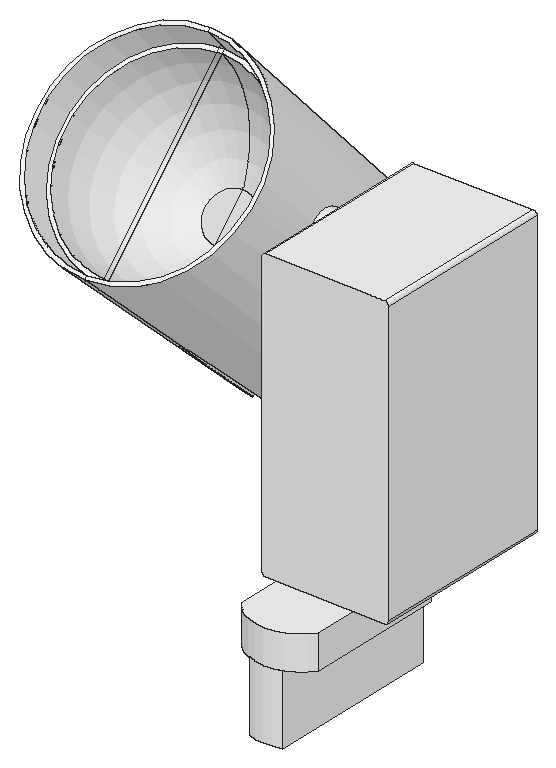
Revit family "0004816 Feilo Sylvania Lighting Fixture START TRACK SPOT S 24W 3K RA80 WB WHITE", category Lighting Fixtures, host Face, Revit 2017 (continued)
Definition of nested family "Start Track Spot Head"
  Types (96, lengths in mm): name | Wattage | built-in parameter 1150134 | Photometric Web File | Model | built-in parameter 1150105 | Lumens | built-in parameter 1150107 | built-in parameter 1150106 | HeadThickness_FEILO | HeadRibOffset_FEILO | HeadRibDepth_FEILO | HeadRibCutWidth_FEILO | HeadRibCutOffset_FEILO | HeadReflectorRadius_FEILO | HeadReflectorOffset_FEILO | HeadLEDRadius_FEILO | HeadHeight_FEILO | HeadDiffusorOffset_FEILO | HeadDiaOut_FEILO | HeadDiaIn_FEILO | HeadAxisFromTop_FEILO | Emit from Circle Diameter | built-in parameter 1150104 | Description | Apparent Load
    0004812 START TRACK SPOT S 14W 3K RA80 MB WHITE | 14 W | (empty or 0) | "0004812.ies" | "START TRACK SPOT S 14W 3K RA80 MB WHITE" | 120.32 (stored number, unit not read) | 1512 lm | 3000 (stored number, unit not read) | 1.2032 (stored number, unit not read) | 1.5 | 4.179 | 55.714 | 7.167 | 50.87 | 50.588 | 55.714 | 9.556 | 117 | 9.435 | 86 | 77.477 | 69.354 | 77.477 | 10.034 (stored number, unit not read) | "Integrated LED spotlight, Textured White - RAL9016, compact and minimalist design, ideal for retail applications, die-cast aluminium body, passive cooling heatsink. Beam angle: 36°, color temperature: 3000K , total system power: 14W, total fixture output: 1508 lm, LOR: 100%, colour rendering: Ra: 80 typical, LED Chromaticity: 3 step MacAdam ellipse, lifetime: >50000 hours at L70B50, energy class: A++, A+, A, IR/UV free light source without heat radiation, operating voltage: 220-240V / 50-60Hz, drive current: 350mA, electronic driver, non-dimmable, power factor: 0.92, electrical protection: Class II, Global Track 3 Phase adapter suitable for Global trac 3-circuit tracks, ingress protection rating: IP20, suitable for internal environment only, horizontal rotation: 355°, vertical tilt: 90°, dimensions: Ø86x140x200, weight: 0.940kg." | 14 VA
    0004811 START TRACK SPOT S 14W 3K RA80 NB WHITE | 14 W | (empty or 0) | "0004811.ies" | "START TRACK SPOT S 14W 3K RA80 NB WHITE" | 123.66 (stored number, unit not read) | 1554 lm | 3000 (stored number, unit not read) | 1.2366 (stored number, unit not read) | 1.5 | 4.179 | 55.714 | 7.167 | 50.87 | 50.588 | 55.714 | 9.556 | 117 | 9.435 | 86 | 77.477 | 69.354 | 77.477 | 10.312 (stored number, unit not read) | "Integrated LED spotlight, Textured White - RAL9016, compact and minimalist design, ideal for retail applications, die-cast aluminium body, passive cooling heatsink. Beam angle: 12°, color temperature: 3000K , total system power: 14W, total fixture output: 1551 lm, LOR: 100%, colour rendering: Ra: 80 typical, LED Chromaticity: 3 step MacAdam ellipse, lifetime: >50000 hours at L70B50, energy class: A++, A+, A, IR/UV free light source without heat radiation, operating voltage: 220-240V / 50-60Hz, drive current: 350mA, electronic driver, non-dimmable, power factor: 0.92, electrical protection: Class II, Global Track 3 Phase adapter suitable for Global trac 3-circuit tracks, ingress protection rating: IP20, suitable for internal environment only, horizontal rotation: 355°, vertical tilt: 90°, dimensions: Ø86x140x200, weight: 0.940kg." | 14 VA
  Reference planes
    plane 1 "Center (Front/Back)": y = 0
    plane 2: z = 0
    plane 3 "Center (Left/Right)": x = 0
    plane 4: x = 43
    plane 5: x = -43
    plane 6: x = -38.739
    plane 7: x = 38.739
    plane 8: z = 69.354
    plane 9: z = -47.646
    plane 10: x = -41.5
    plane 11: x = -37.239
    plane 12: z = -38.211
    plane 13: z = -35.211
    plane 14: z = 8.068
    plane 15: x = -9.556
    plane 16: x = -28.667
    plane 17: x = -19.111
    plane 18: x = -27.167
    plane 19: x = -17.611
    plane 20: x = -8.056
    plane 21: z = 13.64
    plane 22: x = -29.667
    plane 23: x = -26.167
    plane 24: x = -20.111
    plane 25: x = -16.611
    plane 26: x = -10.556
    plane 27: x = -7.056
    plane 28: x = -36.239
    plane 29: x = -40.5
    plane 30: z = 65.175
    plane 31: z = 60.997
    plane 32: z = 56.818
    plane 33: z = 18.484
    plane 34: y = -43
    plane 35: y = 43
    plane 36: y = 3.583
    plane 37: y = -3.583
    plane 38: y = -2.583
    plane 39: y = 2.583
    plane 40: y = 46
    plane 41: z = 13.5
    plane 42: z = -13.5
    plane 43: y = 39
    plane 44: x = 4.708
    plane 45: x = -2.458
    plane 46: x = -1.458
    plane 47: x = 1.458
  Forms (mm)
    Extrusion 1, solid
      sketch origin (4.2, 0, 0) x (1, 0, 0) y (0, 1, 0)
        loop
          line (-1219.2, 1219.2) -> (-1219.2, -1219.2) -> (1219.2, -1219.2) -> (1219.2, 1219.2) -> (-1219.2, 1219.2)
      from 0 to -68.017
    Revolve 2, solid, material <- "Material_1_FEILO", detail levels medium+fine
      sketch origin (0, 0, 0) x (1, 0, 0) y (0, 0, 1)
        loop
          line (-43, -47.646) -> (-41.5, -47.646) -> (-40.5, -35.211) -> (-38.739, -35.211)
          arc (-38.739, -35.211) -> (-30.16, -9.517) -> (-9.556, 8.068) r 50.588
          line (-9.556, 8.068) -> (0, 8.068) -> (0, 13.64) -> (-16.611, 13.64) -> (-17.611, 60.997) -> (-19.111, 60.997) -> (-20.111, 13.64) -> (-36.239, 13.64) -> (-37.239, 69.354) -> (-38.739, 69.354) -> (-43, -47.646)
        axis (0, 69.354) -> (0, -47.646)
      angle from 360 to 0
    Extrusion 3, void
      sketch origin (0, 0, 0) x (0, 1, 0) y (0, 0, 1)
        loop
          line (-3.583, 69.354) -> (-2.583, 18.484) -> (1.932, 18.484) -> (2.932, 69.354) -> (-3.583, 69.354)
      from 43 to -43
    Revolve 4, solid, material <- "Material_2_FEILO", detail levels medium+fine
      sketch origin (0, 0, 0) x (1, 0, 0) y (0, 0, 1)
        loop
          line (-41.5, -38.211) -> (0, -38.211) -> (0, -35.211) -> (-41.5, -35.211) -> (-41.5, -38.211)
        axis (0, -35.211) -> (0, -38.211)
      angle from 360 to 0
    Revolve 5, solid, material <- "Material_1_FEILO"
      sketch origin (0, 0, 0) x (0, 1, 0) y (0, 0, 1)
        loop
          line (46, 0) -> (39, 0) -> (39, -13.5) -> (46, -13.5) -> (46, 0)
        axis (39, 0) -> (46, 0)
      angle from 360 to 0
    Revolve 6, solid, material <- "Material_1_FEILO", detail levels medium+fine
      sketch origin (0, 0, 0) x (1, 0, 0) y (0, 0, 1)
        loop
          line (-29.667, 13.64) -> (-26.167, 13.64) -> (-27.167, 65.175) -> (-28.667, 65.175) -> (-29.667, 13.64)
        loop
          line (-10.556, 13.64) -> (-7.056, 13.64) -> (-7.833, 56.818) -> (-9.778, 56.818) -> (-10.556, 13.64)
        axis (0, 65.175) -> (0, 13.64)
      angle from 360 to 0
    Extrusion 7, void
      sketch origin (0, 0, 0) x (1, 0, 0) y (0, 0, 1)
        loop
          line (4.708, 69.354) -> (-2.458, 69.354) -> (-1.458, 13.64) -> (1.458, 13.64) -> (4.708, 69.354)
      from -43 to 43
    Revolve 8, solid, material <- "Material_1_FEILO", detail levels coarse
      sketch origin (0, 0, 0) x (1, 0, 0) y (0, 0, 1)
        loop
          line (0, 69.354) -> (-38.739, 69.354) -> (-43, -47.646) -> (-41.5, -47.646) -> (-40.731, -38.211) -> (0, -38.211) -> (0, 69.354)
        axis (0, 69.354) -> (0, -47.646)
      angle from 360 to 0
  Cuts and joins
    Extrusion 3 cuts Revolve 2
    Extrusion 7 cuts Revolve 6
  Dimensions and locks
    equal spacing: plane 7, plane 3 "Center (Left/Right)", plane 6
    equal spacing: plane 4, plane 3 "Center (Left/Right)", plane 5
    "HeadDiaOut_FEILO": plane 4 to plane 5
    "HeadDiaIn_FEILO": plane 7 to plane 6
    "HeadHeight_FEILO": plane 8 to plane 9
    "HeadThickness_FEILO": plane 10 to plane 5
    "HeadThickness_FEILO": plane 11 to plane 6
    "HeadDiffusorOffset_FEILO": plane 12 to plane 9
    "HeadDiffusorThickness_FEILO": plane 13 to plane 12
    "HeadReflectorOffset_FEILO": plane 14 to plane 9
    "HeadLEDRadius_FEILO": plane 3 "Center (Left/Right)" to plane 15
    "HeadLEDRadius_FEILO": plane 15 to plane 17
    "HeadLEDRadius_FEILO": plane 17 to plane 16
    "HeadThickness_FEILO": plane 18 to plane 16
    "HeadThickness_FEILO": plane 19 to plane 17
    "HeadThickness_FEILO": plane 20 to plane 15
    "HeadRibDepth_FEILO": plane 8 to plane 21
    "HeadDraft_FEILO": plane 16 to plane 22
    "HeadDraft_FEILO": plane 23 to plane 18
    "HeadDraft_FEILO": plane 17 to plane 24
    "HeadDraft_FEILO": plane 25 to plane 19
    "HeadDraft_FEILO": plane 15 to plane 26
    "HeadDraft_FEILO": plane 27 to plane 20
    "HeadDraft_FEILO": plane 29 to plane 10
    "HeadDraft_FEILO": plane 28 to plane 11
    "HeadRibOffset_FEILO": plane 8 to plane 30
    "HeadRibOffset_FEILO": plane 30 to plane 31
    "HeadRibOffset_FEILO": plane 31 to plane 32
    "HeadAxisFromTop_FEILO": plane 8 to plane 2
    "HeadRibCutOffset_FEILO": plane 8 to plane 33
    equal spacing: plane 34, plane 1 "Center (Front/Back)", plane 35
    "HeadDiaOut_FEILO": plane 34 to plane 35
    equal spacing: plane 38, plane 1 "Center (Front/Back)", plane 39
    equal spacing: plane 37, plane 1 "Center (Front/Back)", plane 36
    "HeadRibCutWidth_FEILO": plane 37 to plane 36
    "HeadDraft_FEILO": plane 37 to plane 38
    locked: plane 35 to plane 40 at 3
    equal spacing: plane 41, plane 2, plane 42
    locked: plane 42 to plane 41 at 27
    locked: plane 43 to plane 35 at 4
    equal spacing: plane 45, imposter light, plane 44
    "HeadDraft_FEILO": plane 46 to plane 45
    "HeadRibCutWidth_FEILO": plane 44 to plane 45
    equal spacing: plane 47, plane 3 "Center (Left/Right)", plane 46
    "HeadReflectorRadius_FEILO": radius of Revolve 2 sketch curve
    aligned and locked: plane 2 to Extrusion 1
    aligned and locked: level to Extrusion 1
    aligned and locked: Revolve 2 sketch curve to plane 3 "Center (Left/Right)"  (x2)
    aligned and locked: plane 9 to Revolve 2 sketch curve  (x2)
    aligned and locked: plane 5 to Revolve 2 sketch curve
    aligned and locked: plane 10 to Revolve 2 sketch curve
    aligned and locked: plane 14 to Revolve 2 sketch curve
    aligned and locked: plane 8 to Revolve 2 sketch curve
    aligned and locked: Revolve 2 sketch curve to plane 13
    aligned and locked: plane 12 to Revolve 4 sketch curve
    aligned and locked: plane 3 "Center (Left/Right)" to Revolve 4 sketch curve
    aligned and locked: Revolve 4 sketch curve to plane 10
    aligned and locked: Revolve 4 sketch curve to plane 3 "Center (Left/Right)"
    aligned and locked: plane 12 to imposter light
    aligned and locked: imposter light to plane 1 "Center (Front/Back)"
    aligned and locked: Revolve 5 sketch curve to plane 2
    aligned and locked: plane 43 to Revolve 5 sketch curve
    aligned and locked: plane 42 to Revolve 5 sketch curve
    aligned and locked: Revolve 6 sketch curve to plane 3 "Center (Left/Right)"
    aligned and locked: plane 22 to Revolve 6 sketch curve
    aligned and locked: plane 30 to Revolve 6 sketch curve
    aligned and locked: plane 23 to Revolve 6 sketch curve
    aligned and locked: Revolve 6 sketch curve to plane 21  (x2)
    aligned and locked: plane 21 to Revolve 6 sketch curve
    aligned and locked: plane 17 to Revolve 2 sketch curve
    aligned and locked: plane 19 to Revolve 2 sketch curve
    aligned and locked: plane 31 to Revolve 2 sketch curve
    aligned and locked: plane 21 to Revolve 2 sketch curve
    aligned and locked: Extrusion 3 to plane 8
    aligned and locked: plane 33 to Extrusion 3
    aligned and locked: plane 8 to Extrusion 3 sketch curve
    aligned and locked: Extrusion 3 sketch curve to plane 33
    aligned and locked: Extrusion 3 to plane 5
    aligned and locked: plane 4 to Extrusion 3
    aligned and locked: plane 32 to Revolve 6 sketch curve
    aligned and locked: plane 44 to Extrusion 7 sketch curve
    aligned and locked: Extrusion 7 sketch curve to plane 8
    aligned and locked: plane 46 to Extrusion 7 sketch curve
    aligned and locked: plane 21 to Extrusion 7 sketch curve
    aligned and locked: plane 34 to Extrusion 7
    aligned and locked: Extrusion 7 to plane 35
    aligned and locked: Revolve 4 sketch curve to plane 13
    aligned and locked: Revolve 5 sketch curve to plane 40
    aligned and locked: Revolve 8 sketch curve to plane 3 "Center (Left/Right)"
    aligned and locked: Revolve 8 sketch curve to cut or joined group of Revolve 2, Extrusion 3  (x3)
    aligned and locked: plane 5 to Revolve 8 sketch curve
    aligned and locked: plane 3 "Center (Left/Right)" to Revolve 8 sketch curve
    aligned and locked: plane 12 to Revolve 8 sketch curve
  Automatic sketch dimensions
    Extrusion 1 sketch curve to Extrusion 1 sketch curve = 2438.4 mm  (x2)
    Extrusion 3 sketch curve to plane 37 = 0 mm
    Extrusion 3 sketch curve to plane 38 = 0 mm
    plane 39 to Extrusion 3 sketch curve = 0.651 mm
    Extrusion 3 sketch curve to plane 39 = 0.349 mm
    Revolve 6 sketch curve to plane 16 = 0 mm
    Revolve 6 sketch curve to plane 18 = 0 mm
    Revolve 6 sketch curve to plane 26 = 0 mm
    Revolve 6 sketch curve to plane 27 = 0 mm
    Revolve 6 sketch curve to plane 15 = 0.222 mm
    plane 9 to Revolve 6 sketch curve = 559.103 mm
    Revolve 6 sketch curve to plane 8 = 2535.555 mm
    plane 20 to Revolve 6 sketch curve = 0.222 mm
    Revolve 2 sketch curve to plane 29 = 0 mm
    Revolve 2 sketch curve to plane 6 = 0 mm  (x2)
    Revolve 2 sketch curve to plane 11 = 0 mm
    Revolve 2 sketch curve to plane 21 = 0 mm
    Revolve 2 sketch curve to plane 28 = 0 mm
    Revolve 2 sketch curve to plane 24 = 0 mm
    Revolve 2 sketch curve to plane 25 = 0 mm
    Revolve 2 sketch curve to plane 15 = 0 mm
    Revolve 2 sketch curve to Revolve 2 sketch curve = 557.155 mm
    Revolve 2 sketch curve to plane 8 = 2535.558 mm
    Extrusion 7 sketch curve to plane 45 = 0 mm
    Extrusion 7 sketch curve to plane 47 = 0 mm
    plane 9 to Revolve 4 sketch curve = 559.103 mm
    Revolve 4 sketch curve to plane 8 = 2535.555 mm
    Revolve 5 sketch curve to level = 0 mm
    plane 34 to Revolve 5 sketch curve = 1968.092 mm
    Revolve 5 sketch curve to plane 40 = 1405.763 mm
    Revolve 8 sketch curve to plane 6 = 0 mm
    Revolve 8 sketch curve to plane 29 = 0.231 mm
    plane 9 to Revolve 8 sketch curve = 559.103 mm
    Revolve 8 sketch curve to Revolve 8 sketch curve = 2535.555 mm
Definition of nested family "Start Track Spot Box"
  Parameters (values of type "Type Large White")
    URL = "http://www.feilosylvania.com"
    Type Image = (empty or 0)
    Type Comments = "n/a"
    Small_FEILO = no
    Material_3_FEILO = none
    Model = ""
    Manufacturer = "Feilo Sylvania"
    Keynote = ""
    Material_2_FEILO = none
    Description = ""
    Default Elevation = 1219.2 mm
    Cost = 0
    Material_1_FEILO = none
    BoxWidth_FEILO = 49 mm
    BoxStartAngle_FEILO [instance] = 0.00°
    BoxRadius_FEILO = 1.5 mm
    BoxHeight_FEILO = if(Small_FEILO, 112 mm, 136 mm)  # 136 mm
    BoxEndAngle_FEILO [instance] = BoxStartAngle_FEILO - 180.00°  # -180.00°
    BoxDepth_FEILO = if(Small_FEILO, 71.5 mm, 79 mm)  # 79 mm
    BoxAxisVerticalOffset_FEILO = 16 mm
    BoxAxisOffset_FEILO = BoxHeight_FEILO / 6.8  # 20 mm
    Assembly Code = ""
    Material_4_FEILO = none
  Types (4, lengths in mm): name | Small_FEILO | BoxHeight_FEILO | BoxDepth_FEILO | BoxAxisOffset_FEILO
    Type Large White | no | 136 | 79 | 20
    Type Small White | yes | 112 | 71.5 | 16.471
    Type Small Black | yes | 112 | 71.5 | 16.471
    Type Large Black | no | 136 | 79 | 20
  Reference planes
    plane 1 "Center (Front/Back)": y = 0
    plane 2: z = 0
    plane 3 "Center (Left/Right)": x = 0
    plane 4: x = 24.5
    plane 5: x = -24.5
    plane 6: y = 68
    plane 7: y = -68
    plane 8: z = 39.5
    plane 9: z = -39.5
    plane 10: y = -48
    plane 11: x = 30.5
    plane 12: x = 8.5
    plane 13: x = 21.5
    plane 14: y = 70
    plane 15: y = 72
    plane 16: x = 19.5
  Forms (mm)
    Extrusion 1, solid
      sketch origin (4.2, 0, 0) x (1, 0, 0) y (0, 1, 0)
        loop
          line (-1219.2, 1219.2) -> (-1219.2, -1219.2) -> (1219.2, -1219.2) -> (1219.2, 1219.2) -> (-1219.2, 1219.2)
      from 0 to -68.017
    Extrusion 2, solid, material <- "Material_1_FEILO"
      sketch origin (0, 0, 0) x (1, 0, 0) y (0, 1, 0)
        loop
          arc (-23, 68) -> (-24.061, 67.561) -> (-24.5, 66.5) r 1.5
          line (-24.5, 66.5) -> (-24.5, -66.5)
          arc (-24.5, -66.5) -> (-24.061, -67.561) -> (-23, -68) r 1.5
          line (-23, -68) -> (23, -68)
          arc (23, -68) -> (24.061, -67.561) -> (24.5, -66.5) r 1.5
          line (24.5, -66.5) -> (24.5, 66.5)
          arc (24.5, 66.5) -> (24.061, 67.561) -> (23, 68) r 1.5
          line (23, 68) -> (-23, 68)
      from -39.5 to 39.5
    Revolve 3, solid, not visible
      sketch origin (0, 0, 0) x (1, 0, 0) y (0, 1, 0)
        loop
          line (30.5, -48) -> (24.5, -48) -> (24.5, -68) -> (30.5, -68) -> (30.5, -48)
        axis (30.5, -48) -> (24.5, -48)
      angle from 0 <- "BoxStartAngle_FEILO" to -180 <- "BoxEndAngle_FEILO"
    Revolve 4, solid, material <- "Material_2_FEILO"
      sketch origin (0, 0, 0) x (1, 0, 0) y (0, 1, 0)
        loop
          line (8.5, 68) -> (19.5, 68) -> (19.5, 70) -> (21.5, 70) -> (21.5, 72) -> (8.5, 72) -> (8.5, 68)
        axis (8.5, 72) -> (8.5, 68)
      angle from 360 to 0
  Dimensions and locks
    equal spacing: plane 5, plane 3 "Center (Left/Right)", plane 4
    "BoxWidth_FEILO": plane 5 to plane 4
    equal spacing: plane 7, plane 1 "Center (Front/Back)", plane 6
    "BoxHeight_FEILO": plane 7 to plane 6
    equal spacing: plane 8, plane 2, plane 9
    "BoxDepth_FEILO": plane 8 to plane 9
    "BoxAxisOffset_FEILO": plane 7 to plane 10
    locked: plane 4 to plane 11 at 6
    "BoxAxisVerticalOffset_FEILO": plane 12 to plane 4
    locked: plane 12 to plane 13 at 13
    plane 6 to plane 14 to plane 15 = 2 mm locked, 2 mm locked
    locked: plane 12 to plane 16 at 11
    "BoxRadius_FEILO": radius of Extrusion 2 sketch curve  (x4)
    aligned and locked: plane 2 to Extrusion 1
    aligned and locked: level to Extrusion 1
    aligned and locked: plane 6 to Extrusion 2 sketch curve
    aligned and locked: plane 5 to Extrusion 2 sketch curve
    aligned and locked: Extrusion 2 sketch curve to plane 7
    aligned and locked: Extrusion 2 sketch curve to plane 4
    aligned and locked: Extrusion 2 to plane 8
    aligned and locked: plane 9 to Extrusion 2
    aligned and locked: Revolve 3 sketch curve to plane 10  (x2)
    aligned and locked: plane 11 to Revolve 3 sketch curve
    aligned and locked: Revolve 3 sketch curve to plane 4
    aligned and locked: plane 7 to Revolve 3 sketch curve
    aligned and locked: Revolve 4 sketch curve to plane 12
    aligned and locked: plane 6 to Revolve 4 sketch curve
    aligned and locked: plane 12 to Revolve 4 sketch curve
    aligned and locked: plane 15 to Revolve 4 sketch curve
    aligned and locked: Revolve 4 sketch curve to plane 13
    aligned and locked: Revolve 4 sketch curve to plane 14
    aligned and locked: Revolve 4 sketch curve to plane 16
    aligned and locked: Revolve 4 sketch curve to plane 6
  Automatic sketch dimensions
    Extrusion 1 sketch curve to Extrusion 1 sketch curve = 2438.4 mm  (x2)
    Revolve 3 sketch curve to plane 5 = 1499.5 mm
    plane 11 to Revolve 3 sketch curve = 1493.5 mm
    plane 15 to Revolve 4 sketch curve = 0 mm
    plane 7 to Revolve 4 sketch curve = 1456 mm
    Revolve 4 sketch curve to plane 15 = 1452 mm
